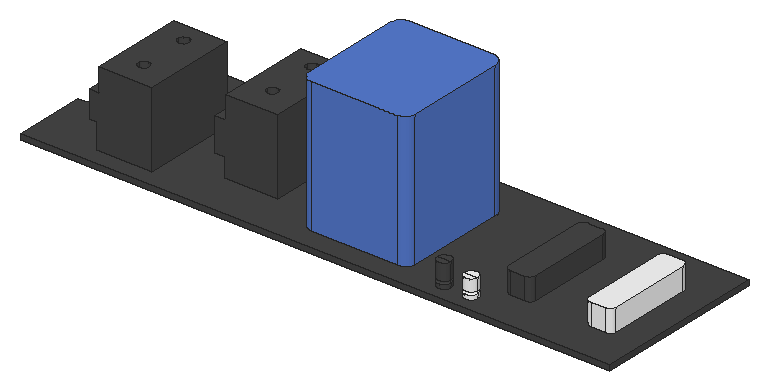
Revit family "3460A_NX_Relay", category Communication Devices, host Face, Revit 2021
Family settings
  Host = Face
  Maintain Annotation Orientation = No
  Round Connector Dimension = Use Diameter
  Part Type = Normal
  OmniClass Number = 23.85.80.11.27
  OmniClass Title = Lighting Controls
  Cut with Voids When Loaded = No
  Shared = Yes
  Room Calculation Point = No
Parameters
  Warranty = "5-Years Warranty"  # constant formula
  Type Comments = "NX Panel Relay"  # constant formula
  URL = "https://www.currentlighting.com/nxlightingcontrols"
  Physical = "Mounts inside NXP series panel\r\nPre-drilled mounting hole for securing relay cards\r\nIndividual relay cards - 1P and 2P are equal in size"
  Operating environment = "Location: interior space\r\nOperating temperature: 0°- 50°C (32° - 112°F)\r\nRelative humidity (non-condensing): 10%-90%"
  Model = "NX Panel Relay"  # constant formula
  Manufacturer = " NX Lighting Controls"  # constant formula
  Inrush Withstand = "500A @ 20ms (NXR-3LEM Relay)"
  Features = "• Compatible with all model NXP panels\r\n• Relays are individually replaceable\r\n• Smart Relay Card self-identifies type automatically to panel\r\n• Each relay includes 1 programmable input for low voltage switches,\r\nphotocells, or motion sensors\r\n• Plug-in connector to panel motherboard and a single screw to secure it to\r\nthe panel enclosure\r\n• Manual override control button and LED status indication"
  Certification = "Certified to UL 916, UL 924 and cUL"
  Blue Element = Metal-Aluminum Anodized Blue
  Black Element = Metal-Nickel
  Description = "NX Panel Relay"  # constant formula
  Default Elevation = 48.00"
  Copyright = "Copyright ©  NX Lighting Controls"  # constant formula
  Contact Us = ""
  Housing Material = Paint - Matte White
  Assembly Code = "D5090"
Reference planes (in)
  plane 1 "Center (Front/Back)": y = 11.68155
  plane 2: z = 0
  plane 3 "Center (Left/Right)": x = 0
  plane 4: z = 1.38
  plane 5: y = 12.49155
  plane 6: y = 10.87155
  plane 7: x = -2.75
  plane 8: x = 2.75
Forms (in)
  Extrusion 1, solid, material "Metal-Nickel" <- "Black Element"
    sketch origin (0, 0, 0) x (1, 0, 0) y (0, 1, 0)
      loop
        line (-2.75, 12.49155) -> (-2.75, 11.79636)
        arc (-2.75, 11.79636) -> (-2.57828, 11.67136) -> (-2.75, 11.54636) r 0.13135
        line (-2.75, 11.54636) -> (-2.75, 10.87155) -> (2.75, 10.87155) -> (2.75, 12.49155) -> (-2.75, 12.49155)
    from 0.05 to 0
  Extrusion 2, solid, material "Metal-Nickel" <- "Black Element"
    sketch origin (0, 11.68155, 0) x (1, 0, 0) y (0, 0, 1)
      loop
        line (-2.16344, 0.05) -> (-1.65009, 0.05) -> (-1.65009, 0.74723) -> (-2.14545, 0.74723) -> (-2.14545, 0.53769) -> (-2.23417, 0.53769) -> (-2.23417, 0.28769) -> (-2.16344, 0.28769) -> (-2.16344, 0.05)
    from 0.64805 to -0.22759
  Extrusion 3, solid, material "Metal-Nickel" <- "Black Element"
    sketch origin (0.96593, 11.94037, 0) x (1, 0, 0) y (0, 0, 1)
      loop
        line (-2.14349, 0.05) -> (-1.65009, 0.05) -> (-1.65009, 0.74723) -> (-2.13274, 0.74723) -> (-2.13274, 0.53769) -> (-2.23417, 0.53769) -> (-2.23417, 0.2263) -> (-2.14349, 0.2263) -> (-2.14349, 0.05)
    from 0.64805 to -0.22759
  Extrusion 4, solid, material "Metal-Aluminum Anodized Blue" <- "Blue Element"
    sketch origin (0, 0, 0) x (1, 0, 0) y (0, 1, 0)
      loop
        arc (-0.19684, 12.21648) -> (-0.26549, 12.18804) -> (-0.29393, 12.11939) r 0.09708
        line (-0.29393, 12.11939) -> (-0.29393, 11.17858)
        arc (-0.29393, 11.17858) -> (-0.26225, 11.10212) -> (-0.18579, 11.07044) r 0.10814
        line (-0.18579, 11.07044) -> (0.61667, 11.07044)
        arc (0.61667, 11.07044) -> (0.67989, 11.09663) -> (0.70607, 11.15985) r 0.08941
        line (0.70607, 11.15985) -> (0.70607, 12.09256)
        arc (0.70607, 12.09256) -> (0.66978, 12.18018) -> (0.58216, 12.21648) r 0.12391
        line (0.58216, 12.21648) -> (-0.19684, 12.21648)
    from 1.29685 to 0
  Extrusion 5, solid, material "Metal-Nickel" <- "Black Element"
    sketch origin (0, 0, 0) x (1, 0, 0) y (0, 1, 0)
      loop
        arc (1.54249, 12.14003) -> (1.49673, 12.12107) -> (1.47778, 12.07531) r 0.06472
        line (1.47778, 12.07531) -> (1.47778, 11.29784)
        arc (1.47778, 11.29784) -> (1.4967, 11.25216) -> (1.54238, 11.23324) r 0.06461
        line (1.54238, 11.23324) -> (1.67263, 11.23324)
        arc (1.67263, 11.23324) -> (1.71162, 11.24939) -> (1.72778, 11.28838) r 0.05514
        line (1.72778, 11.28838) -> (1.72778, 12.06964)
        arc (1.72778, 12.06964) -> (1.70716, 12.11941) -> (1.65739, 12.14003) r 0.07039
        line (1.65739, 12.14003) -> (1.54249, 12.14003)
    from 0.25 to 0
  Extrusion 6, solid, material "Paint - Matte White" <- "Housing Material"
    sketch origin (0.75, 0, 0) x (1, 0, 0) y (0, 1, 0)
      loop
        arc (1.54249, 12.14003) -> (1.49673, 12.12107) -> (1.47778, 12.07531) r 0.06472
        line (1.47778, 12.07531) -> (1.47778, 11.29784)
        arc (1.47778, 11.29784) -> (1.4967, 11.25216) -> (1.54238, 11.23324) r 0.06461
        line (1.54238, 11.23324) -> (1.67263, 11.23324)
        arc (1.67263, 11.23324) -> (1.71162, 11.24939) -> (1.72778, 11.28838) r 0.05514
        line (1.72778, 11.28838) -> (1.72778, 12.06964)
        arc (1.72778, 12.06964) -> (1.70716, 12.11941) -> (1.65739, 12.14003) r 0.07039
        line (1.65739, 12.14003) -> (1.54249, 12.14003)
    from 0.25 to 0
  Revolve 7, solid, material "Metal-Nickel" <- "Black Element"
    sketch origin (0, 11.04803, -0.03828) x (1, 0, 0) y (0, 0, 1)
      loop
        line (1.06807, 0.08828) -> (1.13142, 0.08828) -> (1.13142, 0.1223)
        arc (1.13142, 0.1223) -> (1.11836, 0.13871) -> (1.13142, 0.15512) r 0.01683
        line (1.13142, 0.15512) -> (1.13142, 0.30199) -> (1.06807, 0.30199) -> (1.06807, 0.08828)
      axis (1.06807, 0.30199) -> (1.06807, 0.08828)
    angle from 0 to 360
  Revolve 8, solid, material "Paint - Matte White" <- "Housing Material"
    sketch origin (0.25, 11.04803, -0.03828) x (1, 0, 0) y (0, 0, 1)
      loop
        line (1.06807, 0.08828) -> (1.13142, 0.08828) -> (1.13142, 0.1223)
        arc (1.13142, 0.1223) -> (1.11836, 0.13871) -> (1.13142, 0.15512) r 0.01683
        line (1.13142, 0.15512) -> (1.13142, 0.25723) -> (1.06807, 0.25723) -> (1.06807, 0.08828)
      axis (1.06807, 0.25723) -> (1.06807, 0.08828)
    angle from 0 to 360
  Extrusion 9, void
    sketch origin (0, 0, 0) x (1, 0, 0) y (0, 1, 0)
      loop
        circle (-1.90974, 11.72619) r 0.05245
      loop
        circle (-1.90974, 11.26489) r 0.05245
      loop
        circle (-0.936, 12.00879) r 0.05245
      loop
        circle (-0.936, 11.54749) r 0.05245
    from 0.74723 to 0.53769
Cuts and joins
  Extrusion 9 cuts Extrusion 1
  Extrusion 9 cuts Extrusion 2
  Extrusion 9 cuts Extrusion 3
Dimensions and locks (in)
  plane 4 to plane 2 = 1.38"
  aligned and locked: plane 2 to host face
  aligned and locked: level to host face
  aligned and locked: Extrusion 2 to Extrusion 1
  aligned and locked: Extrusion 3 to Extrusion 1
Connectors (in)
  electrical at (0.20506, 11.64053, 0)
    settings: on Extrusion 4, index 1, voltage 0 V, apparent load 0 VA, apparent load phase1 0 VA, apparent load phase2 0 VA, apparent load phase3 0 VA, power factor 1, load classification "Other", number of poles 1, system type 13, power factor state 1, is connector primary yes, connector utility no, sub classification motor no, connector description ""
